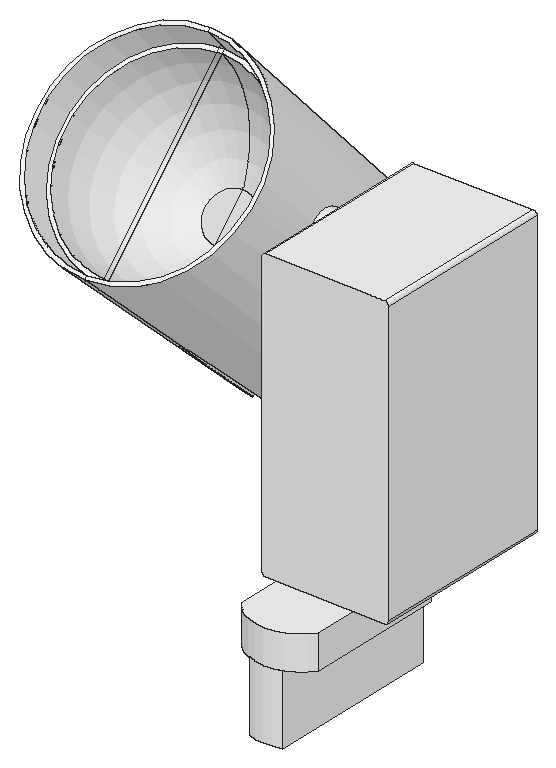
Revit family "0004861 Feilo Sylvania Lighting Fixture START TRACK SPOT S 14W 3K RA90 WB WHITE", category Lighting Fixtures, host Face, Revit 2017 (continued)
Definition of nested family "Start Track Spot Head"
  Types (96, lengths in mm): name | Wattage | built-in parameter 1150134 | Photometric Web File | Model | built-in parameter 1150105 | Lumens | built-in parameter 1150107 | built-in parameter 1150106 | HeadThickness_FEILO | HeadRibOffset_FEILO | HeadRibDepth_FEILO | HeadRibCutWidth_FEILO | HeadRibCutOffset_FEILO | HeadReflectorRadius_FEILO | HeadReflectorOffset_FEILO | HeadLEDRadius_FEILO | HeadHeight_FEILO | HeadDiffusorOffset_FEILO | HeadDiaOut_FEILO | HeadDiaIn_FEILO | HeadAxisFromTop_FEILO | Emit from Circle Diameter | built-in parameter 1150104 | Description | Apparent Load
    0004864 START TRACK SPOT S 24W 3K RA90 WB WHITE | 24 W | (empty or 0) | "0004864.ies" | "START TRACK SPOT S 24W 3K RA90 WB WHITE" | 152.79 (stored number, unit not read) | 1920 lm | 3000 (stored number, unit not read) | 1.5279 (stored number, unit not read) | 1.5 | 4.179 | 55.714 | 7.167 | 50.87 | 50.588 | 55.714 | 9.556 | 117 | 9.435 | 86 | 77.477 | 69.354 | 77.477 | 7.4322 (stored number, unit not read) | "Integrated LED spotlight, Textured White - RAL9016, compact and minimalist design, ideal for retail applications, die-cast aluminium body, passive cooling heatsink. Beam angle: 64°, color temperature: 3000K , total system power: 24W, total fixture output: 1928 lm, LOR: 100%, colour rendering: Ra: 90 typical, LED Chromaticity: 3 step MacAdam ellipse, lifetime: >50000 hours at L70B50, energy class: A++, A+, A, IR/UV free light source without heat radiation, operating voltage: 220-240V / 50-60Hz, drive current: 600mA, electronic driver, non-dimmable, power factor: 0.95, electrical protection: Class II, Global Track 3 Phase adapter suitable for Global trac 3-circuit tracks, ingress protection rating: IP20, suitable for internal environment only, horizontal rotation: 355°, vertical tilt: 90°, dimensions: Ø86x140x200, weight: 0.966kg." | 24 VA
    0004863 START TRACK SPOT S 24W 3K RA90 MB WHITE | 24 W | (empty or 0) | "0004863.ies" | "START TRACK SPOT S 24W 3K RA90 MB WHITE" | 154.7 (stored number, unit not read) | 1944 lm | 3000 (stored number, unit not read) | 1.547 (stored number, unit not read) | 1.5 | 4.179 | 55.714 | 7.167 | 50.87 | 50.588 | 55.714 | 9.556 | 117 | 9.435 | 86 | 77.477 | 69.354 | 77.477 | 7.5251 (stored number, unit not read) | "Integrated LED spotlight, Textured White - RAL9016, compact and minimalist design, ideal for retail applications, die-cast aluminium body, passive cooling heatsink. Beam angle: 36°, color temperature: 3000K , total system power: 24W, total fixture output: 1944 lm, LOR: 100%, colour rendering: Ra: 90 typical, LED Chromaticity: 3 step MacAdam ellipse, lifetime: >50000 hours at L70B50, energy class: A++, A+, A, IR/UV free light source without heat radiation, operating voltage: 220-240V / 50-60Hz, drive current: 600mA, electronic driver, non-dimmable, power factor: 0.95, electrical protection: Class II, Global Track 3 Phase adapter suitable for Global trac 3-circuit tracks, ingress protection rating: IP20, suitable for internal environment only, horizontal rotation: 355°, vertical tilt: 90°, dimensions: Ø86x140x200, weight: 0.966kg." | 24 VA
    0004862 START TRACK SPOT S 24W 3K RA90 NB WHITE | 24 W | (empty or 0) | "0004862.ies" | "START TRACK SPOT S 24W 3K RA90 NB WHITE" | 158.52 (stored number, unit not read) | 1992 lm | 3000 (stored number, unit not read) | 1.5852 (stored number, unit not read) | 1.5 | 4.179 | 55.714 | 7.167 | 50.87 | 50.588 | 55.714 | 9.556 | 117 | 9.435 | 86 | 77.477 | 69.354 | 77.477 | 7.711 (stored number, unit not read) | "Integrated LED spotlight, Textured White - RAL9016, compact and minimalist design, ideal for retail applications, die-cast aluminium body, passive cooling heatsink. Beam angle: 12°, color temperature: 3000K , total system power: 24W, total fixture output: 1987 lm, LOR: 100%, colour rendering: Ra: 90 typical, LED Chromaticity: 3 step MacAdam ellipse, lifetime: >50000 hours at L70B50, energy class: A++, A+, A, IR/UV free light source without heat radiation, operating voltage: 220-240V / 50-60Hz, drive current: 600mA, electronic driver, non-dimmable, power factor: 0.95, electrical protection: Class II, Global Track 3 Phase adapter suitable for Global trac 3-circuit tracks, ingress protection rating: IP20, suitable for internal environment only, horizontal rotation: 355°, vertical tilt: 90°, dimensions: Ø86x140x200, weight: 0.966kg." | 24 VA
    0004861 START TRACK SPOT S 14W 3K RA90 WB WHITE | 14 W | (empty or 0) | "0004861.ies" | "START TRACK SPOT S 14W 3K RA90 WB WHITE" | 100.27 (stored number, unit not read) | 1260 lm | 3000 (stored number, unit not read) | 1.0027 (stored number, unit not read) | 1.5 | 4.179 | 55.714 | 7.167 | 50.87 | 50.588 | 55.714 | 9.556 | 117 | 9.435 | 86 | 77.477 | 69.354 | 77.477 | 8.3613 (stored number, unit not read) | "Integrated LED spotlight, Textured White - RAL9016, compact and minimalist design, ideal for retail applications, die-cast aluminium body, passive cooling heatsink. Beam angle: 64°, color temperature: 3000K , total system power: 14W, total fixture output: 1262 lm, LOR: 100%, colour rendering: Ra: 90 typical, LED Chromaticity: 3 step MacAdam ellipse, lifetime: >50000 hours at L70B50, energy class: A++, A+, A, IR/UV free light source without heat radiation, operating voltage: 220-240V / 50-60Hz, drive current: 350mA, electronic driver, non-dimmable, power factor: 0.92, electrical protection: Class II, Global Track 3 Phase adapter suitable for Global trac 3-circuit tracks, ingress protection rating: IP20, suitable for internal environment only, horizontal rotation: 355°, vertical tilt: 90°, dimensions: Ø86x140x200, weight: 0.940kg." | 14 VA
    0004860 START TRACK SPOT S 14W 3K RA90 MB WHITE | 14 W | (empty or 0) | "0004860.ies" | "START TRACK SPOT S 14W 3K RA90 MB WHITE" | 100.27 (stored number, unit not read) | 1260 lm | 3000 (stored number, unit not read) | 1.0027 (stored number, unit not read) | 1.5 | 4.179 | 55.714 | 7.167 | 50.87 | 50.588 | 55.714 | 9.556 | 117 | 9.435 | 86 | 77.477 | 69.354 | 77.477 | 8.3613 (stored number, unit not read) | "Integrated LED spotlight, Textured White - RAL9016, compact and minimalist design, ideal for retail applications, die-cast aluminium body, passive cooling heatsink. Beam angle: 36°, color temperature: 3000K , total system power: 14W, total fixture output: 1262 lm, LOR: 100%, colour rendering: Ra: 90 typical, LED Chromaticity: 3 step MacAdam ellipse, lifetime: >50000 hours at L70B50, energy class: A++, A+, A, IR/UV free light source without heat radiation, operating voltage: 220-240V / 50-60Hz, drive current: 350mA, electronic driver, non-dimmable, power factor: 0.92, electrical protection: Class II, Global Track 3 Phase adapter suitable for Global trac 3-circuit tracks, ingress protection rating: IP20, suitable for internal environment only, horizontal rotation: 355°, vertical tilt: 90°, dimensions: Ø86x140x200, weight: 0.940kg." | 14 VA
    0004859 START TRACK SPOT S 14W 3K RA90 NB WHITE | 14 W | (empty or 0) | "0004859.ies" | "START TRACK SPOT S 14W 3K RA90 NB WHITE" | 102.5 (stored number, unit not read) | 1288 lm | 3000 (stored number, unit not read) | 1.025 (stored number, unit not read) | 1.5 | 4.179 | 55.714 | 7.167 | 50.87 | 50.588 | 55.714 | 9.556 | 117 | 9.435 | 86 | 77.477 | 69.354 | 77.477 | 8.5471 (stored number, unit not read) | "Integrated LED spotlight, Textured White - RAL9016, compact and minimalist design, ideal for retail applications, die-cast aluminium body, passive cooling heatsink. Beam angle: 12°, color temperature: 3000K , total system power: 14W, total fixture output: 1284 lm, LOR: 100%, colour rendering: Ra: 90 typical, LED Chromaticity: 3 step MacAdam ellipse, lifetime: >50000 hours at L70B50, energy class: A++, A+, A, IR/UV free light source without heat radiation, operating voltage: 220-240V / 50-60Hz, drive current: 350mA, electronic driver, non-dimmable, power factor: 0.92, electrical protection: Class II, Global Track 3 Phase adapter suitable for Global trac 3-circuit tracks, ingress protection rating: IP20, suitable for internal environment only, horizontal rotation: 355°, vertical tilt: 90°, dimensions: Ø86x140x200, weight: 0.940kg." | 14 VA
    0004858 START TRACK SPOT L 55W 4K RA80 WB BLACK | 55 W | 12 | "0004858.ies" | "START TRACK SPOT L 55W 4K RA80 WB BLACK" | 424.55 (stored number, unit not read) | 5335 lm | 4000 (stored number, unit not read) | 4.2455 (stored number, unit not read) | 2 | 4.429 | 59.048 | 9.417 | 53.913 | 66.471 | 59.048 | 12.556 | 124 | 10 | 113 | 101.802 | 73.503 | 101.802 | 9.0116 (stored number, unit not read) | "Integrated LED spotlight, Textured Black - RAL9005, compact and minimalist design, ideal for retail applications, die-cast aluminium body, passive cooling heatsink. Beam angle: 52°, color temperature: 4000K , total system power: 55W, total fixture output: 5320 lm, LOR: 100%, colour rendering: Ra: 80 typical, LED Chromaticity: 3 step MacAdam ellipse, lifetime: >50000 hours at L70B50, energy class: A++, A+, A, IR/UV free light source without heat radiation, operating voltage: 220-240V / 50-60Hz, drive current: 1400mA, electronic driver, non-dimmable, power factor: 0.96, electrical protection: Class II, Global Track 3 Phase adapter suitable for Global trac 3-circuit tracks, ingress protection rating: IP20, suitable for internal environment only, horizontal rotation: 355°, vertical tilt: 90°, dimensions: Ø113x164x240, weight: 1.398kg." | 55 VA
    0004857 START TRACK SPOT L 55W 4K RA80 MB BLACK | 55 W | 12 | "0004857.ies" | "START TRACK SPOT L 55W 4K RA80 MB BLACK" | 428.92 (stored number, unit not read) | 5390 lm | 4000 (stored number, unit not read) | 4.2892 (stored number, unit not read) | 2 | 4.429 | 59.048 | 9.417 | 53.913 | 66.471 | 59.048 | 12.556 | 124 | 10 | 113 | 101.802 | 73.503 | 101.802 | 9.1045 (stored number, unit not read) | "Integrated LED spotlight, Textured Black - RAL9005, compact and minimalist design, ideal for retail applications, die-cast aluminium body, passive cooling heatsink. Beam angle: 38°, color temperature: 4000K , total system power: 55W, total fixture output: 5378 lm, LOR: 100%, colour rendering: Ra: 80 typical, LED Chromaticity: 3 step MacAdam ellipse, lifetime: >50000 hours at L70B50, energy class: A++, A+, A, IR/UV free light source without heat radiation, operating voltage: 220-240V / 50-60Hz, drive current: 1400mA, electronic driver, non-dimmable, power factor: 0.96, electrical protection: Class II, Global Track 3 Phase adapter suitable for Global trac 3-circuit tracks, ingress protection rating: IP20, suitable for internal environment only, horizontal rotation: 355°, vertical tilt: 90°, dimensions: Ø113x164x240, weight: 1.398kg." | 55 VA
    0004856 START TRACK SPOT L 55W 4K RA80 NB BLACK | 55 W | 12 | "0004856.ies" | "START TRACK SPOT L 55W 4K RA80 NB BLACK" | 433.3 (stored number, unit not read) | 5445 lm | 4000 (stored number, unit not read) | 4.333 (stored number, unit not read) | 2 | 4.429 | 59.048 | 9.417 | 53.913 | 66.471 | 59.048 | 12.556 | 124 | 10 | 113 | 101.802 | 73.503 | 101.802 | 9.1974 (stored number, unit not read) | "Integrated LED spotlight, Textured Black - RAL9005, compact and minimalist design, ideal for retail applications, die-cast aluminium body, passive cooling heatsink. Beam angle: 15°, color temperature: 4000K , total system power: 55W, total fixture output: 5426 lm, LOR: 100%, colour rendering: Ra: 80 typical, LED Chromaticity: 3 step MacAdam ellipse, lifetime: >50000 hours at L70B50, energy class: A++, A+, A, IR/UV free light source without heat radiation, operating voltage: 220-240V / 50-60Hz, drive current: 1400mA, electronic driver, non-dimmable, power factor: 0.96, electrical protection: Class II, Global Track 3 Phase adapter suitable for Global trac 3-circuit tracks, ingress protection rating: IP20, suitable for internal environment only, horizontal rotation: 355°, vertical tilt: 90°, dimensions: Ø113x164x240, weight: 1.398kg." | 55 VA
    0004855 START TRACK SPOT L 35W 4K RA80 WB BLACK | 35 W | 12 | "0004855.ies" | "START TRACK SPOT L 35W 4K RA80 WB BLACK" | 320.3 (stored number, unit not read) | 4025 lm | 4000 (stored number, unit not read) | 3.203 (stored number, unit not read) | 2 | 4.429 | 59.048 | 9.417 | 53.913 | 66.471 | 59.048 | 12.556 | 124 | 10 | 113 | 101.802 | 73.503 | 101.802 | 10.684 (stored number, unit not read) | "Integrated LED spotlight, Textured Black - RAL9005, compact and minimalist design, ideal for retail applications, die-cast aluminium body, passive cooling heatsink. Beam angle: 52°, color temperature: 4000K , total system power: 35W, total fixture output: 4010 lm, LOR: 100%, colour rendering: Ra: 80 typical, LED Chromaticity: 3 step MacAdam ellipse, lifetime: >50000 hours at L70B50, energy class: A++, A+, A, IR/UV free light source without heat radiation, operating voltage: 220-240V / 50-60Hz, drive current: 900mA, electronic driver, non-dimmable, power factor: 0.93, electrical protection: Class II, Global Track 3 Phase adapter suitable for Global trac 3-circuit tracks, ingress protection rating: IP20, suitable for internal environment only, horizontal rotation: 355°, vertical tilt: 90°, dimensions: Ø113x164x240, weight: 1.368kg." | 35 VA
    0004854 START TRACK SPOT L 35W 4K RA80 MB BLACK | 35 W | 12 | "0004854.ies" | "START TRACK SPOT L 35W 4K RA80 MB BLACK" | 320.3 (stored number, unit not read) | 4025 lm | 4000 (stored number, unit not read) | 3.203 (stored number, unit not read) | 2 | 4.429 | 59.048 | 9.417 | 53.913 | 66.471 | 59.048 | 12.556 | 124 | 10 | 113 | 101.802 | 73.503 | 101.802 | 10.684 (stored number, unit not read) | "Integrated LED spotlight, Textured Black - RAL9005, compact and minimalist design, ideal for retail applications, die-cast aluminium body, passive cooling heatsink. Beam angle: 38°, color temperature: 4000K , total system power: 35W, total fixture output: 4017 lm, LOR: 100%, colour rendering: Ra: 80 typical, LED Chromaticity: 3 step MacAdam ellipse, lifetime: >50000 hours at L70B50, energy class: A++, A+, A, IR/UV free light source without heat radiation, operating voltage: 220-240V / 50-60Hz, drive current: 900mA, electronic driver, non-dimmable, power factor: 0.93, electrical protection: Class II, Global Track 3 Phase adapter suitable for Global trac 3-circuit tracks, ingress protection rating: IP20, suitable for internal environment only, horizontal rotation: 355°, vertical tilt: 90°, dimensions: Ø113x164x240, weight: 1.368kg." | 35 VA
    0004853 START TRACK SPOT L 35W 4K RA80 NB BLACK | 35 W | 12 | "0004853.ies" | "START TRACK SPOT L 35W 4K RA80 NB BLACK" | 331.44 (stored number, unit not read) | 4165 lm | 4000 (stored number, unit not read) | 3.3144 (stored number, unit not read) | 2 | 4.429 | 59.048 | 9.417 | 53.913 | 66.471 | 59.048 | 12.556 | 124 | 10 | 113 | 101.802 | 73.503 | 101.802 | 11.055 (stored number, unit not read) | "Integrated LED spotlight, Textured Black - RAL9005, compact and minimalist design, ideal for retail applications, die-cast aluminium body, passive cooling heatsink. Beam angle: 15°, color temperature: 4000K , total system power: 35W, total fixture output: 4174 lm, LOR: 100%, colour rendering: Ra: 80 typical, LED Chromaticity: 3 step MacAdam ellipse, lifetime: >50000 hours at L70B50, energy class: A++, A+, A, IR/UV free light source without heat radiation, operating voltage: 220-240V / 50-60Hz, drive current: 900mA, electronic driver, non-dimmable, power factor: 0.93, electrical protection: Class II, Global Track 3 Phase adapter suitable for Global trac 3-circuit tracks, ingress protection rating: IP20, suitable for internal environment only, horizontal rotation: 355°, vertical tilt: 90°, dimensions: Ø113x164x240, weight: 1.368kg." | 35 VA
    0004852 START TRACK SPOT S 24W 4K RA80 WB BLACK | 24 W | 12 | "0004852.ies" | "START TRACK SPOT S 24W 4K RA80 WB BLACK" | 196.72 (stored number, unit not read) | 2472 lm | 4000 (stored number, unit not read) | 1.9672 (stored number, unit not read) | 1.5 | 4.179 | 55.714 | 7.167 | 50.87 | 50.588 | 55.714 | 9.556 | 117 | 9.435 | 86 | 77.477 | 69.354 | 77.477 | 9.569 (stored number, unit not read) | "Integrated LED spotlight, Textured Black - RAL9005, compact and minimalist design, ideal for retail applications, die-cast aluminium body, passive cooling heatsink. Beam angle: 64°, color temperature: 4000K , total system power: 24W, total fixture output: 2476 lm, LOR: 100%, colour rendering: Ra: 80 typical, LED Chromaticity: 3 step MacAdam ellipse, lifetime: >50000 hours at L70B50, energy class: A++, A+, A, IR/UV free light source without heat radiation, operating voltage: 220-240V / 50-60Hz, drive current: 600mA, electronic driver, non-dimmable, power factor: 0.95, electrical protection: Class II, Global Track 3 Phase adapter suitable for Global trac 3-circuit tracks, ingress protection rating: IP20, suitable for internal environment only, horizontal rotation: 355°, vertical tilt: 90°, dimensions: Ø86x140x200, weight: 0.966kg." | 24 VA
    0004851 START TRACK SPOT S 24W 4K RA80 MB BLACK | 24 W | 12 | "0004851.ies" | "START TRACK SPOT S 24W 4K RA80 MB BLACK" | 198.63 (stored number, unit not read) | 2496 lm | 4000 (stored number, unit not read) | 1.9863 (stored number, unit not read) | 1.5 | 4.179 | 55.714 | 7.167 | 50.87 | 50.588 | 55.714 | 9.556 | 117 | 9.435 | 86 | 77.477 | 69.354 | 77.477 | 9.6619 (stored number, unit not read) | "Integrated LED spotlight, Textured Black - RAL9005, compact and minimalist design, ideal for retail applications, die-cast aluminium body, passive cooling heatsink. Beam angle: 36°, color temperature: 4000K , total system power: 24W, total fixture output: 2487 lm, LOR: 100%, colour rendering: Ra: 80 typical, LED Chromaticity: 3 step MacAdam ellipse, lifetime: >50000 hours at L70B50, energy class: A++, A+, A, IR/UV free light source without heat radiation, operating voltage: 220-240V / 50-60Hz, drive current: 600mA, electronic driver, non-dimmable, power factor: 0.95, electrical protection: Class II, Global Track 3 Phase adapter suitable for Global trac 3-circuit tracks, ingress protection rating: IP20, suitable for internal environment only, horizontal rotation: 355°, vertical tilt: 90°, dimensions: Ø86x140x200, weight: 0.966kg." | 24 VA
    0004850 START TRACK SPOT S 24W 4K RA80 NB BLACK | 24 W | 12 | "0004850.ies" | "START TRACK SPOT S 24W 4K RA80 NB BLACK" | 200.54 (stored number, unit not read) | 2520 lm | 4000 (stored number, unit not read) | 2.0054 (stored number, unit not read) | 1.5 | 4.179 | 55.714 | 7.167 | 50.87 | 50.588 | 55.714 | 9.556 | 117 | 9.435 | 86 | 77.477 | 69.354 | 77.477 | 9.7548 (stored number, unit not read) | "Integrated LED spotlight, Textured Black - RAL9005, compact and minimalist design, ideal for retail applications, die-cast aluminium body, passive cooling heatsink. Beam angle: 12°, color temperature: 4000K , total system power: 24W, total fixture output: 2529 lm, LOR: 100%, colour rendering: Ra: 80 typical, LED Chromaticity: 3 step MacAdam ellipse, lifetime: >50000 hours at L70B50, energy class: A++, A+, A, IR/UV free light source without heat radiation, operating voltage: 220-240V / 50-60Hz, drive current: 600mA, electronic driver, non-dimmable, power factor: 0.95, electrical protection: Class II, Global Track 3 Phase adapter suitable for Global trac 3-circuit tracks, ingress protection rating: IP20, suitable for internal environment only, horizontal rotation: 355°, vertical tilt: 90°, dimensions: Ø86x140x200, weight: 0.966kg." | 24 VA
    0004849 START TRACK SPOT S 14W 4K RA80 WB BLACK | 14 W | 12 | "0004849.ies" | "START TRACK SPOT S 14W 4K RA80 WB BLACK" | 123.66 (stored number, unit not read) | 1554 lm | 4000 (stored number, unit not read) | 1.2366 (stored number, unit not read) | 1.5 | 4.179 | 55.714 | 7.167 | 50.87 | 50.588 | 55.714 | 9.556 | 117 | 9.435 | 86 | 77.477 | 69.354 | 77.477 | 10.312 (stored number, unit not read) | "Integrated LED spotlight, Textured Black - RAL9005, compact and minimalist design, ideal for retail applications, die-cast aluminium body, passive cooling heatsink. Beam angle: 64°, color temperature: 4000K , total system power: 14W, total fixture output: 1558 lm, LOR: 100%, colour rendering: Ra: 80 typical, LED Chromaticity: 3 step MacAdam ellipse, lifetime: >50000 hours at L70B50, energy class: A++, A+, A, IR/UV free light source without heat radiation, operating voltage: 220-240V / 50-60Hz, drive current: 350mA, electronic driver, non-dimmable, power factor: 0.92, electrical protection: Class II, Global Track 3 Phase adapter suitable for Global trac 3-circuit tracks, ingress protection rating: IP20, suitable for internal environment only, horizontal rotation: 355°, vertical tilt: 90°, dimensions: Ø86x140x200, weight: 0.940kg." | 14 VA
    0004848 START TRACK SPOT S 14W 4K RA80 MB BLACK | 14 W | 12 | "0004848.ies" | "START TRACK SPOT S 14W 4K RA80 MB BLACK" | 127.01 (stored number, unit not read) | 1596 lm | 4000 (stored number, unit not read) | 1.2701 (stored number, unit not read) | 1.5 | 4.179 | 55.714 | 7.167 | 50.87 | 50.588 | 55.714 | 9.556 | 117 | 9.435 | 86 | 77.477 | 69.354 | 77.477 | 10.591 (stored number, unit not read) | "Integrated LED spotlight, Textured Black - RAL9005, compact and minimalist design, ideal for retail applications, die-cast aluminium body, passive cooling heatsink. Beam angle: 36°, color temperature: 4000K , total system power: 14W, total fixture output: 1598 lm, LOR: 100%, colour rendering: Ra: 80 typical, LED Chromaticity: 3 step MacAdam ellipse, lifetime: >50000 hours at L70B50, energy class: A++, A+, A, IR/UV free light source without heat radiation, operating voltage: 220-240V / 50-60Hz, drive current: 350mA, electronic driver, non-dimmable, power factor: 0.92, electrical protection: Class II, Global Track 3 Phase adapter suitable for Global trac 3-circuit tracks, ingress protection rating: IP20, suitable for internal environment only, horizontal rotation: 355°, vertical tilt: 90°, dimensions: Ø86x140x200, weight: 0.940kg." | 14 VA
    0004847 START TRACK SPOT S 14W 4K RA80 NB BLACK | 14 W | 12 | "0004847.ies" | "START TRACK SPOT S 14W 4K RA80 NB BLACK" | 128.12 (stored number, unit not read) | 1610 lm | 4000 (stored number, unit not read) | 1.2812 (stored number, unit not read) | 1.5 | 4.179 | 55.714 | 7.167 | 50.87 | 50.588 | 55.714 | 9.556 | 117 | 9.435 | 86 | 77.477 | 69.354 | 77.477 | 10.684 (stored number, unit not read) | "Integrated LED spotlight, Textured Black - RAL9005, compact and minimalist design, ideal for retail applications, die-cast aluminium body, passive cooling heatsink. Beam angle: 12°, color temperature: 4000K , total system power: 14W, total fixture output: 1608 lm, LOR: 100%, colour rendering: Ra: 80 typical, LED Chromaticity: 3 step MacAdam ellipse, lifetime: >50000 hours at L70B50, energy class: A++, A+, A, IR/UV free light source without heat radiation, operating voltage: 220-240V / 50-60Hz, drive current: 350mA, electronic driver, non-dimmable, power factor: 0.92, electrical protection: Class II, Global Track 3 Phase adapter suitable for Global trac 3-circuit tracks, ingress protection rating: IP20, suitable for internal environment only, horizontal rotation: 355°, vertical tilt: 90°, dimensions: Ø86x140x200, weight: 0.940kg." | 14 VA
    0004846 START TRACK SPOT L 55W 3K RA80 WB BLACK | 55 W | (empty or 0) | "0004846.ies" | "START TRACK SPOT L 55W 3K RA80 WB BLACK" | 420.17 (stored number, unit not read) | 5280 lm | 3000 (stored number, unit not read) | 4.2017 (stored number, unit not read) | 2 | 4.429 | 59.048 | 9.417 | 53.913 | 66.471 | 59.048 | 12.556 | 124 | 10 | 113 | 101.802 | 73.503 | 101.802 | 8.9187 (stored number, unit not read) | "Integrated LED spotlight, Textured Black - RAL9005, compact and minimalist design, ideal for retail applications, die-cast aluminium body, passive cooling heatsink. Beam angle: 52°, color temperature: 3000K , total system power: 55W, total fixture output: 5298 lm, LOR: 100%, colour rendering: Ra: 80 typical, LED Chromaticity: 3 step MacAdam ellipse, lifetime: >50000 hours at L70B50, energy class: A++, A+, A, IR/UV free light source without heat radiation, operating voltage: 220-240V / 50-60Hz, drive current: 1400mA, electronic driver, non-dimmable, power factor: 0.96, electrical protection: Class II, Global Track 3 Phase adapter suitable for Global trac 3-circuit tracks, ingress protection rating: IP20, suitable for internal environment only, horizontal rotation: 355°, vertical tilt: 90°, dimensions: Ø113x164x240, weight: 1.398kg." | 55 VA
    0004845 START TRACK SPOT L 55W 3K RA80 MB BLACK | 55 W | (empty or 0) | "0004845.ies" | "START TRACK SPOT L 55W 3K RA80 MB BLACK" | 428.92 (stored number, unit not read) | 5390 lm | 3000 (stored number, unit not read) | 4.2892 (stored number, unit not read) | 2 | 4.429 | 59.048 | 9.417 | 53.913 | 66.471 | 59.048 | 12.556 | 124 | 10 | 113 | 101.802 | 73.503 | 101.802 | 9.1045 (stored number, unit not read) | "Integrated LED spotlight, Textured Black - RAL9005, compact and minimalist design, ideal for retail applications, die-cast aluminium body, passive cooling heatsink. Beam angle: 38°, color temperature: 3000K , total system power: 55W, total fixture output: 5381 lm, LOR: 100%, colour rendering: Ra: 80 typical, LED Chromaticity: 3 step MacAdam ellipse, lifetime: >50000 hours at L70B50, energy class: A++, A+, A, IR/UV free light source without heat radiation, operating voltage: 220-240V / 50-60Hz, drive current: 1400mA, electronic driver, non-dimmable, power factor: 0.96, electrical protection: Class II, Global Track 3 Phase adapter suitable for Global trac 3-circuit tracks, ingress protection rating: IP20, suitable for internal environment only, horizontal rotation: 355°, vertical tilt: 90°, dimensions: Ø113x164x240, weight: 1.398kg." | 55 VA
    0004844 START TRACK SPOT L 55W 3K RA80 NB BLACK | 55 W | (empty or 0) | "0004844.ies" | "START TRACK SPOT L 55W 3K RA80 NB BLACK" | 433.3 (stored number, unit not read) | 5445 lm | 3000 (stored number, unit not read) | 4.333 (stored number, unit not read) | 2 | 4.429 | 59.048 | 9.417 | 53.913 | 66.471 | 59.048 | 12.556 | 124 | 10 | 113 | 101.802 | 73.503 | 101.802 | 9.1974 (stored number, unit not read) | "Integrated LED spotlight, Textured Black - RAL9005, compact and minimalist design, ideal for retail applications, die-cast aluminium body, passive cooling heatsink. Beam angle: 15°, color temperature: 3000K , total system power: 55W, total fixture output: 5449 lm, LOR: 100%, colour rendering: Ra: 80 typical, LED Chromaticity: 3 step MacAdam ellipse, lifetime: >50000 hours at L70B50, energy class: A++, A+, A, IR/UV free light source without heat radiation, operating voltage: 220-240V / 50-60Hz, drive current: 1400mA, electronic driver, non-dimmable, power factor: 0.96, electrical protection: Class II, Global Track 3 Phase adapter suitable for Global trac 3-circuit tracks, ingress protection rating: IP20, suitable for internal environment only, horizontal rotation: 355°, vertical tilt: 90°, dimensions: Ø113x164x240, weight: 1.398kg." | 55 VA
    0004843 START TRACK SPOT L 35W 3K RA80 WB BLACK | 35 W | (empty or 0) | "0004843.ies" | "START TRACK SPOT L 35W 3K RA80 WB BLACK" | 314.73 (stored number, unit not read) | 3955 lm | 3000 (stored number, unit not read) | 3.1473 (stored number, unit not read) | 2 | 4.429 | 59.048 | 9.417 | 53.913 | 66.471 | 59.048 | 12.556 | 124 | 10 | 113 | 101.802 | 73.503 | 101.802 | 10.498 (stored number, unit not read) | "Integrated LED spotlight, Textured Black - RAL9005, compact and minimalist design, ideal for retail applications, die-cast aluminium body, passive cooling heatsink. Beam angle: 52°, color temperature: 3000K , total system power: 35W, total fixture output: 3943 lm, LOR: 100%, colour rendering: Ra: 80 typical, LED Chromaticity: 3 step MacAdam ellipse, lifetime: >50000 hours at L70B50, energy class: A++, A+, A, IR/UV free light source without heat radiation, operating voltage: 220-240V / 50-60Hz, drive current: 900mA, electronic driver, non-dimmable, power factor: 0.93, electrical protection: Class II, Global Track 3 Phase adapter suitable for Global trac 3-circuit tracks, ingress protection rating: IP20, suitable for internal environment only, horizontal rotation: 355°, vertical tilt: 90°, dimensions: Ø113x164x240, weight: 1.368kg." | 35 VA
    0004842 START TRACK SPOT L 35W 3K RA80 MB BLACK | 35 W | (empty or 0) | "0004842.ies" | "START TRACK SPOT L 35W 3K RA80 MB BLACK" | 320.3 (stored number, unit not read) | 4025 lm | 3000 (stored number, unit not read) | 3.203 (stored number, unit not read) | 2 | 4.429 | 59.048 | 9.417 | 53.913 | 66.471 | 59.048 | 12.556 | 124 | 10 | 113 | 101.802 | 73.503 | 101.802 | 10.684 (stored number, unit not read) | "Integrated LED spotlight, Textured Black - RAL9005, compact and minimalist design, ideal for retail applications, die-cast aluminium body, passive cooling heatsink. Beam angle: 38°, color temperature: 3000K , total system power: 35W, total fixture output: 4008 lm, LOR: 100%, colour rendering: Ra: 80 typical, LED Chromaticity: 3 step MacAdam ellipse, lifetime: >50000 hours at L70B50, energy class: A++, A+, A, IR/UV free light source without heat radiation, operating voltage: 220-240V / 50-60Hz, drive current: 900mA, electronic driver, non-dimmable, power factor: 0.93, electrical protection: Class II, Global Track 3 Phase adapter suitable for Global trac 3-circuit tracks, ingress protection rating: IP20, suitable for internal environment only, horizontal rotation: 355°, vertical tilt: 90°, dimensions: Ø113x164x240, weight: 1.368kg." | 35 VA
    0004841 START TRACK SPOT L 35W 3K RA80 NB BLACK | 35 W | (empty or 0) | "0004841.ies" | "START TRACK SPOT L 35W 3K RA80 NB BLACK" | 317.51 (stored number, unit not read) | 3990 lm | 3000 (stored number, unit not read) | 3.1751 (stored number, unit not read) | 2 | 4.429 | 59.048 | 9.417 | 53.913 | 66.471 | 59.048 | 12.556 | 124 | 10 | 113 | 101.802 | 73.503 | 101.802 | 10.591 (stored number, unit not read) | "Integrated LED spotlight, Textured Black - RAL9005, compact and minimalist design, ideal for retail applications, die-cast aluminium body, passive cooling heatsink. Beam angle: 15°, color temperature: 3000K , total system power: 35W, total fixture output: 4005 lm, LOR: 100%, colour rendering: Ra: 80 typical, LED Chromaticity: 3 step MacAdam ellipse, lifetime: >50000 hours at L70B50, energy class: A++, A+, A, IR/UV free light source without heat radiation, operating voltage: 220-240V / 50-60Hz, drive current: 900mA, electronic driver, non-dimmable, power factor: 0.93, electrical protection: Class II, Global Track 3 Phase adapter suitable for Global trac 3-circuit tracks, ingress protection rating: IP20, suitable for internal environment only, horizontal rotation: 355°, vertical tilt: 90°, dimensions: Ø113x164x240, weight: 1.368kg." | 35 VA
    0004840 START TRACK SPOT S 24W 3K RA80 WB BLACK | 24 W | (empty or 0) | "0004840.ies" | "START TRACK SPOT S 24W 3K RA80 WB BLACK" | 185.26 (stored number, unit not read) | 2328 lm | 3000 (stored number, unit not read) | 1.8526 (stored number, unit not read) | 1.5 | 4.179 | 55.714 | 7.167 | 50.87 | 50.588 | 55.714 | 9.556 | 117 | 9.435 | 86 | 77.477 | 69.354 | 77.477 | 9.0116 (stored number, unit not read) | "Integrated LED spotlight, Textured Black - RAL9005, compact and minimalist design, ideal for retail applications, die-cast aluminium body, passive cooling heatsink. Beam angle: 64°, color temperature: 3000K , total system power: 24W, total fixture output: 2318 lm, LOR: 100%, colour rendering: Ra: 80 typical, LED Chromaticity: 3 step MacAdam ellipse, lifetime: >50000 hours at L70B50, energy class: A++, A+, A, IR/UV free light source without heat radiation, operating voltage: 220-240V / 50-60Hz, drive current: 600mA, electronic driver, non-dimmable, power factor: 0.95, electrical protection: Class II, Global Track 3 Phase adapter suitable for Global trac 3-circuit tracks, ingress protection rating: IP20, suitable for internal environment only, horizontal rotation: 355°, vertical tilt: 90°, dimensions: Ø86x140x200, weight: 0.966kg." | 24 VA
    0004839 START TRACK SPOT S 24W 3K RA80 MB BLACK | 24 W | (empty or 0) | "0004839.ies" | "START TRACK SPOT S 24W 3K RA80 MB BLACK" | 183.35 (stored number, unit not read) | 2304 lm | 3000 (stored number, unit not read) | 1.8335 (stored number, unit not read) | 1.5 | 4.179 | 55.714 | 7.167 | 50.87 | 50.588 | 55.714 | 9.556 | 117 | 9.435 | 86 | 77.477 | 69.354 | 77.477 | 8.9187 (stored number, unit not read) | "Integrated LED spotlight, Textured Black - RAL9005, compact and minimalist design, ideal for retail applications, die-cast aluminium body, passive cooling heatsink. Beam angle: 36°, color temperature: 3000K , total system power: 24W, total fixture output: 2314 lm, LOR: 100%, colour rendering: Ra: 80 typical, LED Chromaticity: 3 step MacAdam ellipse, lifetime: >50000 hours at L70B50, energy class: A++, A+, A, IR/UV free light source without heat radiation, operating voltage: 220-240V / 50-60Hz, drive current: 600mA, electronic driver, non-dimmable, power factor: 0.95, electrical protection: Class II, Global Track 3 Phase adapter suitable for Global trac 3-circuit tracks, ingress protection rating: IP20, suitable for internal environment only, horizontal rotation: 355°, vertical tilt: 90°, dimensions: Ø86x140x200, weight: 0.966kg." | 24 VA
    0004838 START TRACK SPOT S 24W 3K RA80 NB BLACK | 24 W | (empty or 0) | "0004838.ies" | "START TRACK SPOT S 24W 3K RA80 NB BLACK" | 185.26 (stored number, unit not read) | 2328 lm | 3000 (stored number, unit not read) | 1.8526 (stored number, unit not read) | 1.5 | 4.179 | 55.714 | 7.167 | 50.87 | 50.588 | 55.714 | 9.556 | 117 | 9.435 | 86 | 77.477 | 69.354 | 77.477 | 9.0116 (stored number, unit not read) | "Integrated LED spotlight, Textured Black - RAL9005, compact and minimalist design, ideal for retail applications, die-cast aluminium body, passive cooling heatsink. Beam angle: 12°, color temperature: 3000K , total system power: 24W, total fixture output: 2334 lm, LOR: 100%, colour rendering: Ra: 80 typical, LED Chromaticity: 3 step MacAdam ellipse, lifetime: >50000 hours at L70B50, energy class: A++, A+, A, IR/UV free light source without heat radiation, operating voltage: 220-240V / 50-60Hz, drive current: 600mA, electronic driver, non-dimmable, power factor: 0.95, electrical protection: Class II, Global Track 3 Phase adapter suitable for Global trac 3-circuit tracks, ingress protection rating: IP20, suitable for internal environment only, horizontal rotation: 355°, vertical tilt: 90°, dimensions: Ø86x140x200, weight: 0.966kg." | 24 VA
    0004837 START TRACK SPOT S 14W 3K RA80 WB BLACK | 14 W | (empty or 0) | "0004837.ies" | "START TRACK SPOT S 14W 3K RA80 WB BLACK" | 119.21 (stored number, unit not read) | 1498 lm | 3000 (stored number, unit not read) | 1.1921 (stored number, unit not read) | 1.5 | 4.179 | 55.714 | 7.167 | 50.87 | 50.588 | 55.714 | 9.556 | 117 | 9.435 | 86 | 77.477 | 69.354 | 77.477 | 9.9406 (stored number, unit not read) | "Integrated LED spotlight, Textured Black - RAL9005, compact and minimalist design, ideal for retail applications, die-cast aluminium body, passive cooling heatsink. Beam angle: 64°, color temperature: 3000K , total system power: 14W, total fixture output: 1498 lm, LOR: 100%, colour rendering: Ra: 80 typical, LED Chromaticity: 3 step MacAdam ellipse, lifetime: >50000 hours at L70B50, energy class: A++, A+, A, IR/UV free light source without heat radiation, operating voltage: 220-240V / 50-60Hz, drive current: 350mA, electronic driver, non-dimmable, power factor: 0.92, electrical protection: Class II, Global Track 3 Phase adapter suitable for Global trac 3-circuit tracks, ingress protection rating: IP20, suitable for internal environment only, horizontal rotation: 355°, vertical tilt: 90°, dimensions: Ø86x140x200, weight: 0.940kg." | 14 VA
    0004836 START TRACK SPOT S 14W 3K RA80 MB BLACK | 14 W | (empty or 0) | "0004836.ies" | "START TRACK SPOT S 14W 3K RA80 MB BLACK" | 120.32 (stored number, unit not read) | 1512 lm | 3000 (stored number, unit not read) | 1.2032 (stored number, unit not read) | 1.5 | 4.179 | 55.714 | 7.167 | 50.87 | 50.588 | 55.714 | 9.556 | 117 | 9.435 | 86 | 77.477 | 69.354 | 77.477 | 10.034 (stored number, unit not read) | "Integrated LED spotlight, Textured Black - RAL9005, compact and minimalist design, ideal for retail applications, die-cast aluminium body, passive cooling heatsink. Beam angle: 36°, color temperature: 3000K , total system power: 14W, total fixture output: 1508 lm, LOR: 100%, colour rendering: Ra: 80 typical, LED Chromaticity: 3 step MacAdam ellipse, lifetime: >50000 hours at L70B50, energy class: A++, A+, A, IR/UV free light source without heat radiation, operating voltage: 220-240V / 50-60Hz, drive current: 350mA, electronic driver, non-dimmable, power factor: 0.92, electrical protection: Class II, Global Track 3 Phase adapter suitable for Global trac 3-circuit tracks, ingress protection rating: IP20, suitable for internal environment only, horizontal rotation: 355°, vertical tilt: 90°, dimensions: Ø86x140x200, weight: 0.940kg." | 14 VA
    0004835 START TRACK SPOT S 14W 3K RA80 NB BLACK | 14 W | (empty or 0) | "0004835.ies" | "START TRACK SPOT S 14W 3K RA80 NB BLACK" | 123.66 (stored number, unit not read) | 1554 lm | 3000 (stored number, unit not read) | 1.2366 (stored number, unit not read) | 1.5 | 4.179 | 55.714 | 7.167 | 50.87 | 50.588 | 55.714 | 9.556 | 117 | 9.435 | 86 | 77.477 | 69.354 | 77.477 | 10.312 (stored number, unit not read) | "Integrated LED spotlight, Textured Black - RAL9005, compact and minimalist design, ideal for retail applications, die-cast aluminium body, passive cooling heatsink. Beam angle: 12°, color temperature: 3000K , total system power: 14W, total fixture output: 1551 lm, LOR: 100%, colour rendering: Ra: 80 typical, LED Chromaticity: 3 step MacAdam ellipse, lifetime: >50000 hours at L70B50, energy class: A++, A+, A, IR/UV free light source without heat radiation, operating voltage: 220-240V / 50-60Hz, drive current: 350mA, electronic driver, non-dimmable, power factor: 0.92, electrical protection: Class II, Global Track 3 Phase adapter suitable for Global trac 3-circuit tracks, ingress protection rating: IP20, suitable for internal environment only, horizontal rotation: 355°, vertical tilt: 90°, dimensions: Ø86x140x200, weight: 0.940kg." | 14 VA
    0004834 START TRACK SPOT L 55W 4K RA80 WB WHITE | 55 W | 12 | "0004834.ies" | "START TRACK SPOT L 55W 4K RA80 WB WHITE" | 424.55 (stored number, unit not read) | 5335 lm | 4000 (stored number, unit not read) | 4.2455 (stored number, unit not read) | 2 | 4.429 | 59.048 | 9.417 | 53.913 | 66.471 | 59.048 | 12.556 | 124 | 10 | 113 | 101.802 | 73.503 | 101.802 | 9.0116 (stored number, unit not read) | "Integrated LED spotlight, Textured White - RAL9016, compact and minimalist design, ideal for retail applications, die-cast aluminium body, passive cooling heatsink. Beam angle: 52°, color temperature: 4000K , total system power: 55W, total fixture output: 5320 lm, LOR: 100%, colour rendering: Ra: 80 typical, LED Chromaticity: 3 step MacAdam ellipse, lifetime: >50000 hours at L70B50, energy class: A++, A+, A, IR/UV free light source without heat radiation, operating voltage: 220-240V / 50-60Hz, drive current: 1400mA, electronic driver, non-dimmable, power factor: 0.96, electrical protection: Class II, Global Track 3 Phase adapter suitable for Global trac 3-circuit tracks, ingress protection rating: IP20, suitable for internal environment only, horizontal rotation: 355°, vertical tilt: 90°, dimensions: Ø113x164x240, weight: 1.398kg." | 55 VA
    0004833 START TRACK SPOT L 55W 4K RA80 MB WHITE | 55 W | 12 | "0004833.ies" | "START TRACK SPOT L 55W 4K RA80 MB WHITE" | 428.92 (stored number, unit not read) | 5390 lm | 4000 (stored number, unit not read) | 4.2892 (stored number, unit not read) | 2 | 4.429 | 59.048 | 9.417 | 53.913 | 66.471 | 59.048 | 12.556 | 124 | 10 | 113 | 101.802 | 73.503 | 101.802 | 9.1045 (stored number, unit not read) | "Integrated LED spotlight, Textured White - RAL9016, compact and minimalist design, ideal for retail applications, die-cast aluminium body, passive cooling heatsink. Beam angle: 38°, color temperature: 4000K , total system power: 55W, total fixture output: 5378 lm, LOR: 100%, colour rendering: Ra: 80 typical, LED Chromaticity: 3 step MacAdam ellipse, lifetime: >50000 hours at L70B50, energy class: A++, A+, A, IR/UV free light source without heat radiation, operating voltage: 220-240V / 50-60Hz, drive current: 1400mA, electronic driver, non-dimmable, power factor: 0.96, electrical protection: Class II, Global Track 3 Phase adapter suitable for Global trac 3-circuit tracks, ingress protection rating: IP20, suitable for internal environment only, horizontal rotation: 355°, vertical tilt: 90°, dimensions: Ø113x164x240, weight: 1.398kg." | 55 VA
    0004832 START TRACK SPOT L 55W 4K RA80 NB WHITE | 55 W | 12 | "0004832.ies" | "START TRACK SPOT L 55W 4K RA80 NB WHITE" | 433.3 (stored number, unit not read) | 5445 lm | 4000 (stored number, unit not read) | 4.333 (stored number, unit not read) | 2 | 4.429 | 59.048 | 9.417 | 53.913 | 66.471 | 59.048 | 12.556 | 124 | 10 | 113 | 101.802 | 73.503 | 101.802 | 9.1974 (stored number, unit not read) | "Integrated LED spotlight, Textured White - RAL9016, compact and minimalist design, ideal for retail applications, die-cast aluminium body, passive cooling heatsink. Beam angle: 15°, color temperature: 4000K , total system power: 55W, total fixture output: 5426 lm, LOR: 100%, colour rendering: Ra: 80 typical, LED Chromaticity: 3 step MacAdam ellipse, lifetime: >50000 hours at L70B50, energy class: A++, A+, A, IR/UV free light source without heat radiation, operating voltage: 220-240V / 50-60Hz, drive current: 1400mA, electronic driver, non-dimmable, power factor: 0.96, electrical protection: Class II, Global Track 3 Phase adapter suitable for Global trac 3-circuit tracks, ingress protection rating: IP20, suitable for internal environment only, horizontal rotation: 355°, vertical tilt: 90°, dimensions: Ø113x164x240, weight: 1.398kg." | 55 VA
    0004831 START TRACK SPOT L 35W 4K RA80 WB WHITE | 35 W | 12 | "0004831.ies" | "START TRACK SPOT L 35W 4K RA80 WB WHITE" | 320.3 (stored number, unit not read) | 4025 lm | 4000 (stored number, unit not read) | 3.203 (stored number, unit not read) | 2 | 4.429 | 59.048 | 9.417 | 53.913 | 66.471 | 59.048 | 12.556 | 124 | 10 | 113 | 101.802 | 73.503 | 101.802 | 10.684 (stored number, unit not read) | "Integrated LED spotlight, Textured White - RAL9016, compact and minimalist design, ideal for retail applications, die-cast aluminium body, passive cooling heatsink. Beam angle: 52°, color temperature: 4000K , total system power: 35W, total fixture output: 4010 lm, LOR: 100%, colour rendering: Ra: 80 typical, LED Chromaticity: 3 step MacAdam ellipse, lifetime: >50000 hours at L70B50, energy class: A++, A+, A, IR/UV free light source without heat radiation, operating voltage: 220-240V / 50-60Hz, drive current: 900mA, electronic driver, non-dimmable, power factor: 0.93, electrical protection: Class II, Global Track 3 Phase adapter suitable for Global trac 3-circuit tracks, ingress protection rating: IP20, suitable for internal environment only, horizontal rotation: 355°, vertical tilt: 90°, dimensions: Ø113x164x240, weight: 1.368kg." | 35 VA
    0004830 START TRACK SPOT L 35W 4K RA80 MB WHITE | 35 W | 12 | "0004830.ies" | "START TRACK SPOT L 35W 4K RA80 MB WHITE" | 320.3 (stored number, unit not read) | 4025 lm | 4000 (stored number, unit not read) | 3.203 (stored number, unit not read) | 2 | 4.429 | 59.048 | 9.417 | 53.913 | 66.471 | 59.048 | 12.556 | 124 | 10 | 113 | 101.802 | 73.503 | 101.802 | 10.684 (stored number, unit not read) | "Integrated LED spotlight, Textured White - RAL9016, compact and minimalist design, ideal for retail applications, die-cast aluminium body, passive cooling heatsink. Beam angle: 38°, color temperature: 4000K , total system power: 35W, total fixture output: 4017 lm, LOR: 100%, colour rendering: Ra: 80 typical, LED Chromaticity: 3 step MacAdam ellipse, lifetime: >50000 hours at L70B50, energy class: A++, A+, A, IR/UV free light source without heat radiation, operating voltage: 220-240V / 50-60Hz, drive current: 900mA, electronic driver, non-dimmable, power factor: 0.93, electrical protection: Class II, Global Track 3 Phase adapter suitable for Global trac 3-circuit tracks, ingress protection rating: IP20, suitable for internal environment only, horizontal rotation: 355°, vertical tilt: 90°, dimensions: Ø113x164x240, weight: 1.368kg." | 35 VA
    0004829 START TRACK SPOT L 35W 4K RA80 NB WHITE | 35 W | 12 | "0004829.ies" | "START TRACK SPOT L 35W 4K RA80 NB WHITE" | 331.44 (stored number, unit not read) | 4165 lm | 4000 (stored number, unit not read) | 3.3144 (stored number, unit not read) | 2 | 4.429 | 59.048 | 9.417 | 53.913 | 66.471 | 59.048 | 12.556 | 124 | 10 | 113 | 101.802 | 73.503 | 101.802 | 11.055 (stored number, unit not read) | "Integrated LED spotlight, Textured White - RAL9016, compact and minimalist design, ideal for retail applications, die-cast aluminium body, passive cooling heatsink. Beam angle: 15°, color temperature: 4000K , total system power: 35W, total fixture output: 4174 lm, LOR: 100%, colour rendering: Ra: 80 typical, LED Chromaticity: 3 step MacAdam ellipse, lifetime: >50000 hours at L70B50, energy class: A++, A+, A, IR/UV free light source without heat radiation, operating voltage: 220-240V / 50-60Hz, drive current: 900mA, electronic driver, non-dimmable, power factor: 0.93, electrical protection: Class II, Global Track 3 Phase adapter suitable for Global trac 3-circuit tracks, ingress protection rating: IP20, suitable for internal environment only, horizontal rotation: 355°, vertical tilt: 90°, dimensions: Ø113x164x240, weight: 1.368kg." | 35 VA
    0004828 START TRACK SPOT S 24W 4K RA80 WB WHITE | 24 W | 12 | "0004828.ies" | "START TRACK SPOT S 24W 4K RA80 WB WHITE" | 196.72 (stored number, unit not read) | 2472 lm | 4000 (stored number, unit not read) | 1.9672 (stored number, unit not read) | 1.5 | 4.179 | 55.714 | 7.167 | 50.87 | 50.588 | 55.714 | 9.556 | 117 | 9.435 | 86 | 77.477 | 69.354 | 77.477 | 9.569 (stored number, unit not read) | "Integrated LED spotlight, Textured White - RAL9016, compact and minimalist design, ideal for retail applications, die-cast aluminium body, passive cooling heatsink. Beam angle: 64°, color temperature: 4000K , total system power: 24W, total fixture output: 2476 lm, LOR: 100%, colour rendering: Ra: 80 typical, LED Chromaticity: 3 step MacAdam ellipse, lifetime: >50000 hours at L70B50, energy class: A++, A+, A, IR/UV free light source without heat radiation, operating voltage: 220-240V / 50-60Hz, drive current: 600mA, electronic driver, non-dimmable, power factor: 0.95, electrical protection: Class II, Global Track 3 Phase adapter suitable for Global trac 3-circuit tracks, ingress protection rating: IP20, suitable for internal environment only, horizontal rotation: 355°, vertical tilt: 90°, dimensions: Ø86x140x200, weight: 0.966kg." | 24 VA
    0004827 START TRACK SPOT S 24W 4K RA80 MB WHITE | 24 W | 12 | "0004827.ies" | "START TRACK SPOT S 24W 4K RA80 MB WHITE" | 198.63 (stored number, unit not read) | 2496 lm | 4000 (stored number, unit not read) | 1.9863 (stored number, unit not read) | 1.5 | 4.179 | 55.714 | 7.167 | 50.87 | 50.588 | 55.714 | 9.556 | 117 | 9.435 | 86 | 77.477 | 69.354 | 77.477 | 9.6619 (stored number, unit not read) | "Integrated LED spotlight, Textured White - RAL9016, compact and minimalist design, ideal for retail applications, die-cast aluminium body, passive cooling heatsink. Beam angle: 36°, color temperature: 4000K , total system power: 24W, total fixture output: 2487 lm, LOR: 100%, colour rendering: Ra: 80 typical, LED Chromaticity: 3 step MacAdam ellipse, lifetime: >50000 hours at L70B50, energy class: A++, A+, A, IR/UV free light source without heat radiation, operating voltage: 220-240V / 50-60Hz, drive current: 600mA, electronic driver, non-dimmable, power factor: 0.95, electrical protection: Class II, Global Track 3 Phase adapter suitable for Global trac 3-circuit tracks, ingress protection rating: IP20, suitable for internal environment only, horizontal rotation: 355°, vertical tilt: 90°, dimensions: Ø86x140x200, weight: 0.966kg." | 24 VA
    0004826 START TRACK SPOT S 24W 4K RA80 NB WHITE | 24 W | 12 | "0004826.ies" | "START TRACK SPOT S 24W 4K RA80 NB WHITE" | 200.54 (stored number, unit not read) | 2520 lm | 4000 (stored number, unit not read) | 2.0054 (stored number, unit not read) | 1.5 | 4.179 | 55.714 | 7.167 | 50.87 | 50.588 | 55.714 | 9.556 | 117 | 9.435 | 86 | 77.477 | 69.354 | 77.477 | 9.7548 (stored number, unit not read) | "Integrated LED spotlight, Textured White - RAL9016, compact and minimalist design, ideal for retail applications, die-cast aluminium body, passive cooling heatsink. Beam angle: 12°, color temperature: 4000K , total system power: 24W, total fixture output: 2529 lm, LOR: 100%, colour rendering: Ra: 80 typical, LED Chromaticity: 3 step MacAdam ellipse, lifetime: >50000 hours at L70B50, energy class: A++, A+, A, IR/UV free light source without heat radiation, operating voltage: 220-240V / 50-60Hz, drive current: 600mA, electronic driver, non-dimmable, power factor: 0.95, electrical protection: Class II, Global Track 3 Phase adapter suitable for Global trac 3-circuit tracks, ingress protection rating: IP20, suitable for internal environment only, horizontal rotation: 355°, vertical tilt: 90°, dimensions: Ø86x140x200, weight: 0.966kg." | 24 VA
    0004825 START TRACK SPOT S 14W 4K RA80 WB WHITE | 14 W | 12 | "0004825.ies" | "START TRACK SPOT S 14W 4K RA80 WB WHITE" | 123.66 (stored number, unit not read) | 1554 lm | 4000 (stored number, unit not read) | 1.2366 (stored number, unit not read) | 1.5 | 4.179 | 55.714 | 7.167 | 50.87 | 50.588 | 55.714 | 9.556 | 117 | 9.435 | 86 | 77.477 | 69.354 | 77.477 | 10.312 (stored number, unit not read) | "Integrated LED spotlight, Textured White - RAL9016, compact and minimalist design, ideal for retail applications, die-cast aluminium body, passive cooling heatsink. Beam angle: 64°, color temperature: 4000K , total system power: 14W, total fixture output: 1558 lm, LOR: 100%, colour rendering: Ra: 80 typical, LED Chromaticity: 3 step MacAdam ellipse, lifetime: >50000 hours at L70B50, energy class: A++, A+, A, IR/UV free light source without heat radiation, operating voltage: 220-240V / 50-60Hz, drive current: 350mA, electronic driver, non-dimmable, power factor: 0.92, electrical protection: Class II, Global Track 3 Phase adapter suitable for Global trac 3-circuit tracks, ingress protection rating: IP20, suitable for internal environment only, horizontal rotation: 355°, vertical tilt: 90°, dimensions: Ø86x140x200, weight: 0.940kg." | 14 VA
    0004824 START TRACK SPOT S 14W 4K RA80 MB WHITE | 14 W | 12 | "0004824.ies" | "START TRACK SPOT S 14W 4K RA80 MB WHITE" | 127.01 (stored number, unit not read) | 1596 lm | 4000 (stored number, unit not read) | 1.2701 (stored number, unit not read) | 1.5 | 4.179 | 55.714 | 7.167 | 50.87 | 50.588 | 55.714 | 9.556 | 117 | 9.435 | 86 | 77.477 | 69.354 | 77.477 | 10.591 (stored number, unit not read) | "Integrated LED spotlight, Textured White - RAL9016, compact and minimalist design, ideal for retail applications, die-cast aluminium body, passive cooling heatsink. Beam angle: 36°, color temperature: 4000K , total system power: 14W, total fixture output: 1598 lm, LOR: 100%, colour rendering: Ra: 80 typical, LED Chromaticity: 3 step MacAdam ellipse, lifetime: >50000 hours at L70B50, energy class: A++, A+, A, IR/UV free light source without heat radiation, operating voltage: 220-240V / 50-60Hz, drive current: 350mA, electronic driver, non-dimmable, power factor: 0.92, electrical protection: Class II, Global Track 3 Phase adapter suitable for Global trac 3-circuit tracks, ingress protection rating: IP20, suitable for internal environment only, horizontal rotation: 355°, vertical tilt: 90°, dimensions: Ø86x140x200, weight: 0.940kg." | 14 VA
    0004823 START TRACK SPOT S 14W 4K RA80 NB WHITE | 14 W | 12 | "0004823.ies" | "START TRACK SPOT S 14W 4K RA80 NB WHITE" | 128.12 (stored number, unit not read) | 1610 lm | 4000 (stored number, unit not read) | 1.2812 (stored number, unit not read) | 1.5 | 4.179 | 55.714 | 7.167 | 50.87 | 50.588 | 55.714 | 9.556 | 117 | 9.435 | 86 | 77.477 | 69.354 | 77.477 | 10.684 (stored number, unit not read) | "Integrated LED spotlight, Textured White - RAL9016, compact and minimalist design, ideal for retail applications, die-cast aluminium body, passive cooling heatsink. Beam angle: 12°, color temperature: 4000K , total system power: 14W, total fixture output: 1608 lm, LOR: 100%, colour rendering: Ra: 80 typical, LED Chromaticity: 3 step MacAdam ellipse, lifetime: >50000 hours at L70B50, energy class: A++, A+, A, IR/UV free light source without heat radiation, operating voltage: 220-240V / 50-60Hz, drive current: 350mA, electronic driver, non-dimmable, power factor: 0.92, electrical protection: Class II, Global Track 3 Phase adapter suitable for Global trac 3-circuit tracks, ingress protection rating: IP20, suitable for internal environment only, horizontal rotation: 355°, vertical tilt: 90°, dimensions: Ø86x140x200, weight: 0.940kg." | 14 VA
    0004822 START TRACK SPOT L 55W 3K RA80 WB WHITE | 55 W | (empty or 0) | "0004822.ies" | "START TRACK SPOT L 55W 3K RA80 WB WHITE" | 420.17 (stored number, unit not read) | 5280 lm | 3000 (stored number, unit not read) | 4.2017 (stored number, unit not read) | 2 | 4.429 | 59.048 | 9.417 | 53.913 | 66.471 | 59.048 | 12.556 | 124 | 10 | 113 | 101.802 | 73.503 | 101.802 | 8.9187 (stored number, unit not read) | "Integrated LED spotlight, Textured White - RAL9016, compact and minimalist design, ideal for retail applications, die-cast aluminium body, passive cooling heatsink. Beam angle: 52°, color temperature: 3000K , total system power: 55W, total fixture output: 5298 lm, LOR: 100%, colour rendering: Ra: 80 typical, LED Chromaticity: 3 step MacAdam ellipse, lifetime: >50000 hours at L70B50, energy class: A++, A+, A, IR/UV free light source without heat radiation, operating voltage: 220-240V / 50-60Hz, drive current: 1400mA, electronic driver, non-dimmable, power factor: 0.96, electrical protection: Class II, Global Track 3 Phase adapter suitable for Global trac 3-circuit tracks, ingress protection rating: IP20, suitable for internal environment only, horizontal rotation: 355°, vertical tilt: 90°, dimensions: Ø113x164x240, weight: 1.398kg." | 55 VA
    0004821 START TRACK SPOT L 55W 3K RA80 MB WHITE | 55 W | (empty or 0) | "0004821.ies" | "START TRACK SPOT L 55W 3K RA80 MB WHITE" | 428.92 (stored number, unit not read) | 5390 lm | 3000 (stored number, unit not read) | 4.2892 (stored number, unit not read) | 2 | 4.429 | 59.048 | 9.417 | 53.913 | 66.471 | 59.048 | 12.556 | 124 | 10 | 113 | 101.802 | 73.503 | 101.802 | 9.1045 (stored number, unit not read) | "Integrated LED spotlight, Textured White - RAL9016, compact and minimalist design, ideal for retail applications, die-cast aluminium body, passive cooling heatsink. Beam angle: 38°, color temperature: 3000K , total system power: 55W, total fixture output: 5381 lm, LOR: 100%, colour rendering: Ra: 80 typical, LED Chromaticity: 3 step MacAdam ellipse, lifetime: >50000 hours at L70B50, energy class: A++, A+, A, IR/UV free light source without heat radiation, operating voltage: 220-240V / 50-60Hz, drive current: 1400mA, electronic driver, non-dimmable, power factor: 0.96, electrical protection: Class II, Global Track 3 Phase adapter suitable for Global trac 3-circuit tracks, ingress protection rating: IP20, suitable for internal environment only, horizontal rotation: 355°, vertical tilt: 90°, dimensions: Ø113x164x240, weight: 1.398kg." | 55 VA
    0004820 START TRACK SPOT L 55W 3K RA80 NB WHITE | 55 W | (empty or 0) | "0004820.ies" | "START TRACK SPOT L 55W 3K RA80 NB WHITE" | 433.3 (stored number, unit not read) | 5445 lm | 3000 (stored number, unit not read) | 4.333 (stored number, unit not read) | 2 | 4.429 | 59.048 | 9.417 | 53.913 | 66.471 | 59.048 | 12.556 | 124 | 10 | 113 | 101.802 | 73.503 | 101.802 | 9.1974 (stored number, unit not read) | "Integrated LED spotlight, Textured White - RAL9016, compact and minimalist design, ideal for retail applications, die-cast aluminium body, passive cooling heatsink. Beam angle: 15°, color temperature: 3000K , total system power: 55W, total fixture output: 5449 lm, LOR: 100%, colour rendering: Ra: 80 typical, LED Chromaticity: 3 step MacAdam ellipse, lifetime: >50000 hours at L70B50, energy class: A++, A+, A, IR/UV free light source without heat radiation, operating voltage: 220-240V / 50-60Hz, drive current: 1400mA, electronic driver, non-dimmable, power factor: 0.96, electrical protection: Class II, Global Track 3 Phase adapter suitable for Global trac 3-circuit tracks, ingress protection rating: IP20, suitable for internal environment only, horizontal rotation: 355°, vertical tilt: 90°, dimensions: Ø113x164x240, weight: 1.398kg." | 55 VA
    0004819 START TRACK SPOT L 35W 3K RA80 WB WHITE | 35 W | (empty or 0) | "0004819.ies" | "START TRACK SPOT L 35W 3K RA80 WB WHITE" | 314.73 (stored number, unit not read) | 3955 lm | 3000 (stored number, unit not read) | 3.1473 (stored number, unit not read) | 2 | 4.429 | 59.048 | 9.417 | 53.913 | 66.471 | 59.048 | 12.556 | 124 | 10 | 113 | 101.802 | 73.503 | 101.802 | 10.498 (stored number, unit not read) | "Integrated LED spotlight, Textured White - RAL9016, compact and minimalist design, ideal for retail applications, die-cast aluminium body, passive cooling heatsink. Beam angle: 52°, color temperature: 3000K , total system power: 35W, total fixture output: 3943 lm, LOR: 100%, colour rendering: Ra: 80 typical, LED Chromaticity: 3 step MacAdam ellipse, lifetime: >50000 hours at L70B50, energy class: A++, A+, A, IR/UV free light source without heat radiation, operating voltage: 220-240V / 50-60Hz, drive current: 900mA, electronic driver, non-dimmable, power factor: 0.93, electrical protection: Class II, Global Track 3 Phase adapter suitable for Global trac 3-circuit tracks, ingress protection rating: IP20, suitable for internal environment only, horizontal rotation: 355°, vertical tilt: 90°, dimensions: Ø113x164x240, weight: 1.368kg." | 35 VA
    0004818 START TRACK SPOT L 35W 3K RA80 MB WHITE | 35 W | (empty or 0) | "0004818.ies" | "START TRACK SPOT L 35W 3K RA80 MB WHITE" | 320.3 (stored number, unit not read) | 4025 lm | 3000 (stored number, unit not read) | 3.203 (stored number, unit not read) | 2 | 4.429 | 59.048 | 9.417 | 53.913 | 66.471 | 59.048 | 12.556 | 124 | 10 | 113 | 101.802 | 73.503 | 101.802 | 10.684 (stored number, unit not read) | "Integrated LED spotlight, Textured White - RAL9016, compact and minimalist design, ideal for retail applications, die-cast aluminium body, passive cooling heatsink. Beam angle: 38°, color temperature: 3000K , total system power: 35W, total fixture output: 4008 lm, LOR: 100%, colour rendering: Ra: 80 typical, LED Chromaticity: 3 step MacAdam ellipse, lifetime: >50000 hours at L70B50, energy class: A++, A+, A, IR/UV free light source without heat radiation, operating voltage: 220-240V / 50-60Hz, drive current: 900mA, electronic driver, non-dimmable, power factor: 0.93, electrical protection: Class II, Global Track 3 Phase adapter suitable for Global trac 3-circuit tracks, ingress protection rating: IP20, suitable for internal environment only, horizontal rotation: 355°, vertical tilt: 90°, dimensions: Ø113x164x240, weight: 1.368kg." | 35 VA
    0004817 START TRACK SPOT L 35W 3K RA80 NB WHITE | 35 W | (empty or 0) | "0004817.ies" | "START TRACK SPOT L 35W 3K RA80 NB WHITE" | 317.51 (stored number, unit not read) | 3990 lm | 3000 (stored number, unit not read) | 3.1751 (stored number, unit not read) | 2 | 4.429 | 59.048 | 9.417 | 53.913 | 66.471 | 59.048 | 12.556 | 124 | 10 | 113 | 101.802 | 73.503 | 101.802 | 10.591 (stored number, unit not read) | "Integrated LED spotlight, Textured White - RAL9016, compact and minimalist design, ideal for retail applications, die-cast aluminium body, passive cooling heatsink. Beam angle: 15°, color temperature: 3000K , total system power: 35W, total fixture output: 4005 lm, LOR: 100%, colour rendering: Ra: 80 typical, LED Chromaticity: 3 step MacAdam ellipse, lifetime: >50000 hours at L70B50, energy class: A++, A+, A, IR/UV free light source without heat radiation, operating voltage: 220-240V / 50-60Hz, drive current: 900mA, electronic driver, non-dimmable, power factor: 0.93, electrical protection: Class II, Global Track 3 Phase adapter suitable for Global trac 3-circuit tracks, ingress protection rating: IP20, suitable for internal environment only, horizontal rotation: 355°, vertical tilt: 90°, dimensions: Ø113x164x240, weight: 1.368kg." | 35 VA
    0004816 START TRACK SPOT S 24W 3K RA80 WB WHITE | 24 W | (empty or 0) | "0004816.ies" | "START TRACK SPOT S 24W 3K RA80 WB WHITE" | 185.26 (stored number, unit not read) | 2328 lm | 3000 (stored number, unit not read) | 1.8526 (stored number, unit not read) | 1.5 | 4.179 | 55.714 | 7.167 | 50.87 | 50.588 | 55.714 | 9.556 | 117 | 9.435 | 86 | 77.477 | 69.354 | 77.477 | 9.0116 (stored number, unit not read) | "Integrated LED spotlight, Textured White - RAL9016, compact and minimalist design, ideal for retail applications, die-cast aluminium body, passive cooling heatsink. Beam angle: 64°, color temperature: 3000K , total system power: 24W, total fixture output: 2318 lm, LOR: 100%, colour rendering: Ra: 80 typical, LED Chromaticity: 3 step MacAdam ellipse, lifetime: >50000 hours at L70B50, energy class: A++, A+, A, IR/UV free light source without heat radiation, operating voltage: 220-240V / 50-60Hz, drive current: 600mA, electronic driver, non-dimmable, power factor: 0.95, electrical protection: Class II, Global Track 3 Phase adapter suitable for Global trac 3-circuit tracks, ingress protection rating: IP20, suitable for internal environment only, horizontal rotation: 355°, vertical tilt: 90°, dimensions: Ø86x140x200, weight: 0.966kg." | 24 VA
    0004815 START TRACK SPOT S 24W 3K RA80 MB WHITE | 24 W | (empty or 0) | "0004815.ies" | "START TRACK SPOT S 24W 3K RA80 MB WHITE" | 183.35 (stored number, unit not read) | 2304 lm | 3000 (stored number, unit not read) | 1.8335 (stored number, unit not read) | 1.5 | 4.179 | 55.714 | 7.167 | 50.87 | 50.588 | 55.714 | 9.556 | 117 | 9.435 | 86 | 77.477 | 69.354 | 77.477 | 8.9187 (stored number, unit not read) | "Integrated LED spotlight, Textured White - RAL9016, compact and minimalist design, ideal for retail applications, die-cast aluminium body, passive cooling heatsink. Beam angle: 36°, color temperature: 3000K , total system power: 24W, total fixture output: 2314 lm, LOR: 100%, colour rendering: Ra: 80 typical, LED Chromaticity: 3 step MacAdam ellipse, lifetime: >50000 hours at L70B50, energy class: A++, A+, A, IR/UV free light source without heat radiation, operating voltage: 220-240V / 50-60Hz, drive current: 600mA, electronic driver, non-dimmable, power factor: 0.95, electrical protection: Class II, Global Track 3 Phase adapter suitable for Global trac 3-circuit tracks, ingress protection rating: IP20, suitable for internal environment only, horizontal rotation: 355°, vertical tilt: 90°, dimensions: Ø86x140x200, weight: 0.966kg." | 24 VA
    0004814 START TRACK SPOT S 24W 3K RA80 NB WHITE | 24 W | (empty or 0) | "0004814.ies" | "START TRACK SPOT S 24W 3K RA80 NB WHITE" | 185.26 (stored number, unit not read) | 2328 lm | 3000 (stored number, unit not read) | 1.8526 (stored number, unit not read) | 1.5 | 4.179 | 55.714 | 7.167 | 50.87 | 50.588 | 55.714 | 9.556 | 117 | 9.435 | 86 | 77.477 | 69.354 | 77.477 | 9.0116 (stored number, unit not read) | "Integrated LED spotlight, Textured White - RAL9016, compact and minimalist design, ideal for retail applications, die-cast aluminium body, passive cooling heatsink. Beam angle: 12°, color temperature: 3000K , total system power: 24W, total fixture output: 2334 lm, LOR: 100%, colour rendering: Ra: 80 typical, LED Chromaticity: 3 step MacAdam ellipse, lifetime: >50000 hours at L70B50, energy class: A++, A+, A, IR/UV free light source without heat radiation, operating voltage: 220-240V / 50-60Hz, drive current: 600mA, electronic driver, non-dimmable, power factor: 0.95, electrical protection: Class II, Global Track 3 Phase adapter suitable for Global trac 3-circuit tracks, ingress protection rating: IP20, suitable for internal environment only, horizontal rotation: 355°, vertical tilt: 90°, dimensions: Ø86x140x200, weight: 0.966kg." | 24 VA
    0004813 START TRACK SPOT S 14W 3K RA80 WB WHITE | 14 W | (empty or 0) | "0004813.ies" | "START TRACK SPOT S 14W 3K RA80 WB WHITE" | 119.21 (stored number, unit not read) | 1498 lm | 3000 (stored number, unit not read) | 1.1921 (stored number, unit not read) | 1.5 | 4.179 | 55.714 | 7.167 | 50.87 | 50.588 | 55.714 | 9.556 | 117 | 9.435 | 86 | 77.477 | 69.354 | 77.477 | 9.9406 (stored number, unit not read) | "Integrated LED spotlight, Textured White - RAL9016, compact and minimalist design, ideal for retail applications, die-cast aluminium body, passive cooling heatsink. Beam angle: 64°, color temperature: 3000K , total system power: 14W, total fixture output: 1498 lm, LOR: 100%, colour rendering: Ra: 80 typical, LED Chromaticity: 3 step MacAdam ellipse, lifetime: >50000 hours at L70B50, energy class: A++, A+, A, IR/UV free light source without heat radiation, operating voltage: 220-240V / 50-60Hz, drive current: 350mA, electronic driver, non-dimmable, power factor: 0.92, electrical protection: Class II, Global Track 3 Phase adapter suitable for Global trac 3-circuit tracks, ingress protection rating: IP20, suitable for internal environment only, horizontal rotation: 355°, vertical tilt: 90°, dimensions: Ø86x140x200, weight: 0.940kg." | 14 VA
